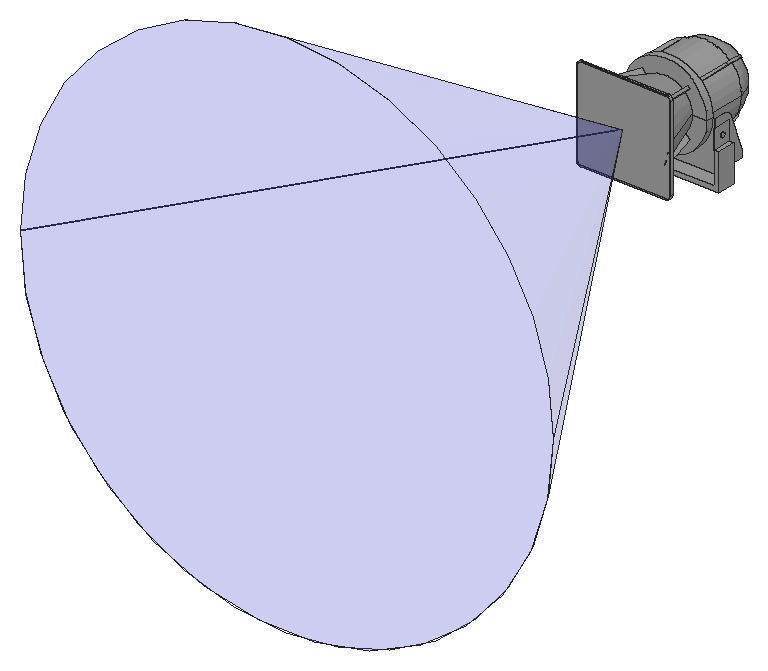
Revit family "AH66-15-BSG", category Communication Devices, Revit 2014
Parameters (values of type "Full-Range, Outdoor, Horn Loudspeaker")
  Width = 21.41"
  Weight Product = 87
  Warranty = "5 Year"
  Vertical Symmetry = yes
  URL = "www.atlassound.com"
  Transformer Option = yes
  Specification by User (default) = "TBD"
  Speaker Listening Height [instance] = 30.00"
  Speaker Height [instance] = 120.00"
  Speaker Dispersion [instance] = 65.00°
  Speaker Cone Visible [instance] = yes
  Sensitivity = 102
  ScheduleType |RF| = "AtlasIED Master"
  SPL Max = 107
  Rotation = 0.00°
  Product Page URL = "https://www.atlasied.com/ah66-15-bsg"
  Product Documentation Link = "https://www.atlasied.com/f/2957/ATS004765%20AH66-15-BSG%20Data%20Sheet%20RevA.pdf"
  Power Rating (RMS) = "250 Watts (53V) RMS"
  Power Handling = 250
  Pitch = 0.00°
  OmniClass Title = "SPEAKERS"
  OmniClass Number = "23-37 17 13 19"
  Mount Material = Default
  Model = "AH66-15-BSG"
  Maximum Output = "128dB"
  MaterFormat Title = "SPEAKERS"
  MasterFormat = "27 41 13"
  Market = "Commercial, Higher Education, Emergency"
  Manufacturer URL = "https://www.atlasied.com"
  Manufacturer Phone = "(800) 876 - 3333"
  Manufacturer Email = "support@atlasied.com"
  Manufacturer Address = "4545 E. Baseline Rd., Phoenix, AZ 85042"
  Manufacturer = "ATLAS SOUND"
  Ingress Protection = "IP45 When Tilted 5° Downwards"
  Impedance = 8
  IQ Category = "SPEAKERS"
  Height = 23.75"
  HF Driver = "65°H x 65°V HF horn"
  Grill Material = QF_Plastic - Black - Fine Textured
  Frequency Response  = "75Hz – 14.5kHz (±5dB)"
  Family Version [instance] = "2017-01"
  Family Code (default) = "LOUD SPEAKERS"
  Enclosure Material = none
  Dispersion Angle = 65.00°
  Description = "15\" 2-WAY STADIUM HORN LOUDSPEAKER SYSTEM 65° X 65°"
  Depth = 30.08"
  Coverage Vertical = 0.00°
  Coverage Horizontal = 65.00°
  Cost MSRP = 1816.99
  Cost = 1816.99
  Color = none
  Body Material = Default
  Baffle Material = none
  Angle [instance] = 0.00°
  70V Taps = "32.00 W"
  100V Taps = "32.00 W"
Reference planes (in)
  plane 1 "Center (Front/Back)": y = 0
  plane 2: z = 0
  plane 3 "Center (Left/Right)": x = 0
  plane 4: z = 23.75
  plane 5: y = 14.375
  plane 6: x = 10.74701
  plane 7: x = -10.66299
  plane 8: z = 3.5
  plane 9: z = 22.6875
  plane 10: z = 10.125
  plane 11: y = -14.08104
  plane 12: y = 15.99896
Forms (in)
  Extrusion 1, solid, material "Default" <- "Mount Material"
    sketch origin (0, -1.74914, 13.66826) x (0, 0, -1) y (1, 0, 0)
      loop
        line (13.66826, 10.74701) -> (5.66826, 10.74701) -> (5.66826, 9.74701) -> (1.66826, 9.74701) -> (1.66826, 9.64201) -> (5.74123, 9.64201) -> (5.74123, 9.74701) -> (12.66826, 9.74701) -> (12.66826, -9.66299) -> (5.74123, -9.66299) -> (5.74123, -9.55799) -> (1.66826, -9.55799) -> (1.66826, -9.66299) -> (5.66826, -9.66299) -> (5.66826, -10.66299) -> (13.66826, -10.66299) -> (13.66826, 10.74701)
    from 0 to -3.88
  Revolve 2, solid, material "QF_Metal - Stainless - Polished"
    sketch origin (0, -2.0095, 10.125) x (1, 0, 0) y (0, 1, 0)
      loop
        line (1.06703, 2.0095) -> (2.43821, 2.0095) -> (2.43821, 2.2595) -> (1.06703, 2.2595) -> (1.06703, 2.0095)
      axis (1.06703, 2.0095) -> (2.43821, 2.0095)
    angle from 0 <- "Angle" to 225.204
Dimensions and locks (in)
  "Height": plane 4 to level
  "Width": plane 7 to plane 6
  plane 4 to plane 8 = 20.25"
  plane 8 to plane 4 = 20.25"
  plane 10 to plane 2 = 10.125"
  "Depth": plane 12 to plane 11
  aligned and locked: plane 2 to level
Automatic sketch dimensions
  Extrusion 1 sketch curve to Extrusion 1 sketch curve = 4.00"  (x2)
  Extrusion 1 sketch curve to Extrusion 1 sketch curve = 0.07298"  (x2)
  Extrusion 1 sketch curve to Extrusion 1 sketch curve = 1.00"
  Extrusion 1 sketch curve to Extrusion 1 sketch curve = 0.105"  (x2)
  Extrusion 1 sketch curve to Extrusion 1 sketch curve = 0.00"
  Extrusion 1 sketch curve to plane 6 = 0.00"
  Extrusion 1 sketch curve to plane 7 = 0.00"
  Extrusion 1 sketch curve to level = 0.00"
  Extrusion 1 sketch curve to plane 10 = 2.19798"  (x2)
  Extrusion 1 sketch curve to plane 6 = 1.00"
  plane 7 to Extrusion 1 sketch curve = 1.00"  (x2)
  plane 1 "Center (Front/Back)" to Revolve 2 sketch curve = 0.00"  (x2)
  plane 3 "Center (Left/Right)" to Revolve 2 sketch curve = 1.06703"
  Revolve 2 sketch curve to plane 1 "Center (Front/Back)" = 0.25"
  Revolve 2 sketch curve to Revolve 2 sketch curve = 1.37117"
  Revolve 2 sketch curve to Revolve 2 sketch curve = 1.06179"
  Revolve 2 sketch curve to Revolve 2 sketch curve = 0.59789"
Nested families (in)
  nested 1: "AH6615BSG" at (0, 0.29396, 10.125), Speaker Listening Height <- "Speaker Listening Height", Speaker Height <- "Speaker Height", Speaker Dispersion <- "Speaker Dispersion", Speaker Cone Visible <- "Speaker Cone Visible", type "Full-Range, Outdoor, Horn Loudspeaker"
    with Weight Dimensional/Shipping 0, Speaker Listening Height 30.00", Speaker Height 120.00", Speaker Dispersion 65.00°, Speaker Cone Visible yes, Speaker Cone Height 90.00", Radius of Speaker Cone 57.33632", Operating Frequency Range "", Flasher Type "", Flasher Lumens "", Family Version ""
Definition of nested family "AH6615BSG"
  Parameters (values of type "Full-Range, Outdoor, Horn Loudspeaker")
    Woofer Size = 0
    Woofer Impedence = "8Ω (Nominal)"
    Width = 21.41"
    Weight Product = 87
    Weight Dimensional/Shipping [instance] = 0
    Weight Dimensional = 0
    Warranty = ""
    Voltage DC = ""
    Voltage AC = ""
    Viewable Dimensions (HxW) = 0
    Vertical Symmetry = yes
    URL = "www.atlassound.com"
    Type Driver = "1\" HF and 15\" LF"
    Transformer Option = yes
    Sustainability Rating = ""
    Splay Angle Minimum = 0.00°
    Splay Angle Maximum = 0.00°
    Specification by User (default) = ""
    Specification by Manufacturer = ""
    Speaker Type = ""
    Speaker Listening Height [instance] = 30.00"
    Speaker Height [instance] = 120.00"
    Speaker Dispersion [instance] = 65.00°
    Speaker Data Link = ""
    Speaker Cone Visible [instance] = no
    Speaker Cone Height [instance] = (Speaker Height - Speaker Listening Height)  # 90.00"
    Shipping Dimensions = ""
    Serial Number = ""
    Sensitivity 5 = 0
    Sensitivity 4 = 0
    Sensitivity 3 = 0
    Sensitivity 2 = 0
    Sensitivity = 102
    Seismic Rating = ""
    ScheduleType |RF| = "AtlasIED Master"
    Safety Features = ""
    Safety Agency Ratings = ""
    SPL Stimulus = ""
    SPL Measurement Bandwidth = ""
    SPL Max = 107
    Rotation = 0.00°
    Regulatory Compliance = ""
    Recommended Signal Processing = ""
    Recommended Power Amplification = ""
    Radius of Speaker Cone [instance] = (Speaker Cone Height) * tan(Speaker Dispersion / 2)  # 57.33632"
    Product Page URL = "https://www.atlasied.com/ah66-15-bsg"
    Product Documentation Link = "https://www.atlasied.com/f/2957/ATS004765%20AH66-15-BSG%20Data%20Sheet%20RevA.pdf"
    Power Standby = 0
    Power Rating (RMS) = "250 Watts (53V) RMS"
    Power Peak = 0
    Power Handling 5 = 0
    Power Handling 4 = 0
    Power Handling 3 = 0
    Power Handling 2 = 0
    Power Handling = 250
    Power Factor = 0
    Power Active = 0
    Pitch = 0.00°
    Part Number = "27 41 13"
    Outdoor/Weather Rating = ""
    Operation Mode = ""
    Operating Frequency Range [instance] = ""
    OmniClass Title = "SPEAKERS"
    OmniClass Number = "23-37 17 13 19"
    Number of Bands = 0
    Noise = 0
    Mounting/Rigging Provisions = ""
    Mount Material = Default
    Model = "AH66-15-BSG"
    Minimum Impedence = "5.6Ω @ 9000Hz Nominal -6dB (Minimum)"
    Maximum Output = "128dB"
    Max Input Ratings (8Ω) = ""
    Max Character Height = 0
    MaterFormat Title = ""
    MasterFormat = "27 41 13"
    Market = "Commercial, Higher Education, Emergency"
    Manufacturer URL = "https://www.atlasied.com"
    Manufacturer Phone = "(800) 876 - 3333"
    Manufacturer Email = "support@atlasied.com"
    Manufacturer Address = "4545 E. Baseline Rd., Phoenix, AZ 85042"
    Manufacturer = "ATLAS SOUND"
    Loudspeaker Level = ""
    Input Connectors = ""
    Ingress Protection = "IP45 When Tilted 5° Downwards"
    Impedance 5 = 0
    Impedance 4 = 0
    Impedance 3 = 0
    Impedance 2 = 0
    Impedance = 8
    IQ Category = "SPEAKERS"
    Horizontal Symmetry = yes
    Height = 23.75"
    Heat Load Standby = 0
    Heat Load Active = 0
    HF Driver = "65°H x 65°V HF horn"
    Grill Material = QF_Plastic - Black - Fine Textured
    Frequency Response  = "75Hz – 14.5kHz (±5dB)"
    Flasher Type [instance] = ""
    Flasher Lumens Rating = ""
    Flasher Lumens [instance] = ""
    Family Version [instance] = ""
    Family Code (default) = ""
    Extended Low Frequency Response = ""
    Environmental Testing = ""
    Enclusure Volume = 2296
    Enclosure Material = none
    Dispersion Angle = 65.00°
    Diameter = 0
    Description = "15\" 2-WAY STADIUM HORN LOUDSPEAKER SYSTEM 65° X 65°"
    Depth = 30.08"
    Cutout Diameter = 0
    Current Draw = 0
    Crossover Frequency = "1.4kHz"
    Coverage Vertical = 65.00°
    Coverage Horizontal = 65.00°
    Coverage = ""
    Cost MSRP = 1816.99
    Controls = ""
    Communication Ports = ""
    Communication Formats = ""
    Color = none
    Body Material = Default
    Baffle Material = none
    Azimuth = 0.00°
    70V Taps = "32.00 W"
    25V Taps = "0.00 W"
    100V Taps = "32.00 W"
  Reference planes (in)
    plane 1 "Center (Front/Back)": y = 0
    plane 2: z = 0
    plane 3 "Center (Left/Right)": x = 0
    plane 4: z = 23.75
    plane 5: y = 14.375
    plane 6: y = -14.375
    plane 7: x = 10.74701
    plane 8: x = -10.66299
    plane 9: z = 3.5
    plane 10: z = 22.6875
  Forms (in)
    Extrusion 1, solid, material "QF_Plastic - Black - Fine Textured" <- "Grill Material"
      sketch origin (-5.92216, -14.375, 37.875) x (-1, 0, 0) y (0, 0, 1)
        loop
          arc (4.03208, -25.3125) -> (3.75896, -24.65312) -> (3.09958, -24.38) r 0.9325
          line (3.09958, -24.38) -> (-15.02542, -24.38)
          arc (-15.02542, -24.38) -> (-15.68479, -24.65312) -> (-15.95792, -25.3125) r 0.9325
          line (-15.95792, -25.3125) -> (-15.95792, -43.4375)
          arc (-15.95792, -43.4375) -> (-15.68479, -44.09688) -> (-15.02542, -44.37) r 0.9325
          line (-15.02542, -44.37) -> (3.09958, -44.37)
          arc (3.09958, -44.37) -> (3.75896, -44.09688) -> (4.03208, -43.4375) r 0.9325
          line (4.03208, -43.4375) -> (4.03208, -25.3125)
      from 0 to 0.25
    Revolve 2, solid, material "Default" <- "Body Material"
      sketch origin (0, 0, 3.54326) x (1, 0, 0) y (0, 1, 0)
        loop
          arc (0, 14.38074) -> (-5.31131, 12.37243) -> (-8.01824, 7.38086) r 8.14198
          line (-8.01824, 7.38086) -> (-8.01824, -1.61914) -> (-9.01924, -1.61914) -> (-9.01924, -3.11884) -> (-5.72654, -3.11884) -> (-9.39746, -13.86914) -> (0, -13.86914) -> (0, 14.38074)
        axis (0, -13.86914) -> (0, 14.38074)
      angle from 0 to 360
    Extrusion 3, solid, material "Default" <- "Body Material"
      sketch origin (-9.66492, 0, -6.12166) x (0, 1, 0) y (0.707107, 0, 0.707107)
        loop
          arc (7.38086, 21.6865) -> (10.49336, 20.66282) -> (12.8478, 18.38417) r 7.32233
          arc (12.8478, 18.38417) -> (9.73484, 21.30118) -> (5.62261, 22.4365) r 8.90911
          line (5.62261, 22.4365) -> (-1.61914, 22.4365) -> (-1.61914, 21.6865) -> (7.38086, 21.6865)
        loop
          line (7.38086, 5.65001) -> (-1.61914, 5.65001) -> (-1.61914, 4.90001) -> (5.62261, 4.90001)
          arc (5.62261, 4.90001) -> (9.73484, 6.03533) -> (12.8478, 8.95234) r 8.90911
          arc (12.8478, 8.95234) -> (10.49336, 6.67369) -> (7.38086, 5.65001) r 7.32233
        loop
          line (-13.86914, 23.31938) -> (-13.86914, 23.06571) -> (-3.11884, 19.3948) -> (-3.11884, 20.9069) -> (-13.86914, 23.31938)
        loop
          line (-13.86914, 4.01713) -> (-3.11884, 6.42961) -> (-3.11884, 7.94171) -> (-13.86914, 4.2708) -> (-13.86914, 4.01713)
      from -0.25 to 0.25
    Extrusion 4, solid, material "Default" <- "Body Material"
      sketch origin (9.66492, 0, -6.12166) x (0, 1, 0) y (0.707107, 0, -0.707107)
        loop
          line (7.38086, -21.6865) -> (-1.61914, -21.6865) -> (-1.61914, -22.4365) -> (5.62261, -22.4365)
          arc (5.62261, -22.4365) -> (9.73484, -21.30118) -> (12.8478, -18.38417) r 8.90911
          arc (12.8478, -18.38417) -> (10.49336, -20.66282) -> (7.38086, -21.6865) r 7.32233
        loop
          arc (7.38086, -5.65001) -> (10.49336, -6.67369) -> (12.8478, -8.95234) r 7.32233
          arc (12.8478, -8.95234) -> (9.73484, -6.03533) -> (5.62261, -4.90001) r 8.90911
          line (5.62261, -4.90001) -> (-1.61914, -4.90001) -> (-1.61914, -5.65001) -> (7.38086, -5.65001)
        loop
          line (-13.86914, -23.31938) -> (-3.11884, -20.9069) -> (-3.11884, -19.3948) -> (-13.86914, -23.06571) -> (-13.86914, -23.31938)
        loop
          line (-13.86914, -4.01713) -> (-13.86914, -4.2708) -> (-3.11884, -7.94171) -> (-3.11884, -6.42961) -> (-13.86914, -4.01713)
      from -0.25 to 0.25
    Extrusion 5, solid, material "Default" <- "Mount Material"
      sketch origin (0, 0, -10.125) x (0, 1, 0) y (0, 0, 1)
        loop
          arc (2.61561, 12.32268) -> (1.88244, 13.26746) -> (0.74124, 13.625) r 2
          line (0.74124, 13.625) -> (-1.61914, 13.625) -> (-1.61914, 3.125) -> (5.48086, 3.125) -> (5.48086, 4.625) -> (2.61561, 12.32268)
      from 9.44326 to 9.54326
    Extrusion 6, solid, material "Default" <- "Mount Material"
      sketch origin (0, 0, -10.125) x (0, 1, 0) y (0, 0, -1)
        loop
          line (2.61561, -12.32268) -> (5.48086, -4.625) -> (5.48086, -3.125) -> (-1.61914, -3.125) -> (-1.61914, -13.625) -> (0.74124, -13.625)
          arc (0.74124, -13.625) -> (1.88244, -13.26746) -> (2.61561, -12.32268) r 2
      from 9.44326 to 9.54326
    Extrusion 7, solid, material "Default" <- "Mount Material"
      sketch origin (0, -1.61914, 3.54326) x (0, 0, -1) y (1, 0, 0)
        loop
          line (0.04326, 9.54326) -> (0.04326, 9.01914)
          arc (0.04326, 9.01914) -> (9.01924, 0) -> (0.04326, -9.01914) r 9.01924
          line (0.04326, -9.01914) -> (0.04326, -9.54326) -> (10.54326, -9.54326) -> (10.54326, 9.54326) -> (0.04326, 9.54326)
      from 0 to 0.13
    Extrusion 8, solid, material "Default" <- "Mount Material"
      sketch origin (-9.66299, -2.17, 1.875) x (0, 0, -1) y (0, -1, 0)
        loop
          line (1.60422, -2.474) -> (2.14578, -2.474) -> (2.41655, -2.005) -> (2.14578, -1.536) -> (1.60422, -1.536) -> (1.33345, -2.005) -> (1.60422, -2.474)
      from 0 to 0.333
    Extrusion 9, solid, material "Default" <- "Mount Material"
      sketch origin (9.74701, -2.17, 1.875) x (0, 0, -1) y (0, 1, 0)
        loop
          line (1.60422, 2.474) -> (1.33345, 2.005) -> (1.60422, 1.536) -> (2.14578, 1.536) -> (2.41655, 2.005) -> (2.14578, 2.474) -> (1.60422, 2.474)
      from 0 to 0.333
    Extrusion 10, solid, material "Default" <- "Body Material"
      sketch origin (0, -0.24415, -10.125) x (0, 1, 0) y (0, 0, 1)
        loop
          line (14.69212, 13.875) -> (14.375, 13.875) -> (14.375, 13.375) -> (14.69212, 13.375)
          arc (14.69212, 13.375) -> (15.94915, 13.625) -> (14.69212, 13.875) r 0.65338
        loop
          circle (15.29578, 13.625) r 0.40338
      from -0.08174 to 0.07955
    Extrusion 11, solid, material "Default" <- "Body Material"
      sketch origin (-5.92216, -14.375, 37.875) x (-1, 0, 0) y (0, 0, 1)
        loop
          arc (-16.08792, -43.4375) -> (-15.77672, -44.1888) -> (-15.02542, -44.5) r 1.0625
          line (-15.02542, -44.5) -> (3.09958, -44.5)
          arc (3.09958, -44.5) -> (3.85089, -44.1888) -> (4.16208, -43.4375) r 1.0625
          line (4.16208, -43.4375) -> (4.16208, -25.3125)
          arc (4.16208, -25.3125) -> (3.85089, -24.5612) -> (3.09958, -24.25) r 1.0625
          line (3.09958, -24.25) -> (-15.02542, -24.25)
          arc (-15.02542, -24.25) -> (-15.77672, -24.5612) -> (-16.08792, -25.3125) r 1.0625
          line (-16.08792, -25.3125) -> (-16.08792, -43.4375)
        loop
          arc (-15.02542, -24.38) -> (-15.68479, -24.65312) -> (-15.95792, -25.3125) r 0.9325
          line (-15.95792, -25.3125) -> (-15.95792, -43.4375)
          arc (-15.95792, -43.4375) -> (-15.68479, -44.09688) -> (-15.02542, -44.37) r 0.9325
          line (-15.02542, -44.37) -> (3.09958, -44.37)
          arc (3.09958, -44.37) -> (3.75896, -44.09688) -> (4.03208, -43.4375) r 0.9325
          line (4.03208, -43.4375) -> (4.03208, -25.3125)
          arc (4.03208, -25.3125) -> (3.75896, -24.65312) -> (3.09958, -24.38) r 0.9325
          line (3.09958, -24.38) -> (-15.02542, -24.38)
      from 0 to 0.50586
    Extrusion 12, solid, material "Default" <- "Body Material"
      sketch origin (-5.92216, -14.125, 37.875) x (-1, 0, 0) y (0, 0, 1)
        loop
          arc (4.03208, -25.3125) -> (3.75896, -24.65312) -> (3.09958, -24.38) r 0.9325
          line (3.09958, -24.38) -> (-15.02542, -24.38)
          arc (-15.02542, -24.38) -> (-15.68479, -24.65312) -> (-15.95792, -25.3125) r 0.9325
          line (-15.95792, -25.3125) -> (-15.95792, -43.4375)
          arc (-15.95792, -43.4375) -> (-15.68479, -44.09688) -> (-15.02542, -44.37) r 0.9325
          line (-15.02542, -44.37) -> (3.09958, -44.37)
          arc (3.09958, -44.37) -> (3.75896, -44.09688) -> (4.03208, -43.4375) r 0.9325
          line (4.03208, -43.4375) -> (4.03208, -25.3125)
      from 0 to 0.13
    Blend 13, solid, material "Glass", visible <- "Speaker Cone Visible"
      base sketch origin (-0.20427, -14.375, 3.40479) x (1, 0, 0) y (0, 0, 1)
        loop
          circle (0, 0.09521) r 57.33632
      top sketch origin (-0.20427, -14.375, 3.40479) x (1, 0, 0) y (0, 0, 1)
        loop
          circle (0, 0.09521) r 0.13513
      from 90 <- "Speaker Cone Height" to 0
  Lines and regions (in)
    symbolic lines
      curve 1: line (-10.08424, -13.86914, 0) -> (10.16576, -13.86914, 0)
      curve 2: line (-10.08424, -14.375, 0) -> (-10.08424, -13.86914, 0)
      curve 3: line (10.16576, -14.375, 0) -> (-10.08424, -14.375, 0)
      curve 4: line (10.16576, -13.86914, 0) -> (10.16576, -14.375, 0)
      curve 5: line (5.29527, -3.11884, 0) -> (7.00115, -13.86914, 0)
      curve 6: line (6.6476, -13.86914, 0) -> (4.94172, -3.11884, 0)
      curve 7: line (3.8725, -3.11884, 0) -> (6.46823, -13.86914, 0)
      curve 8: line (-9.01924, -3.11884, 0) -> (9.01924, -3.11884, 0)
      curve 9: line (9.01924, -3.11884, 0) -> (9.01924, -1.74914, 0)
      curve 10: line (10.74701, -1.74914, 0) -> (-10.66299, -1.74914, 0)
      curve 11: line (-10.66299, -1.74914, 0) -> (-10.66299, 2.13086, 0)
      curve 12: line (-6.46823, -13.86914, 0) -> (-3.8725, -3.11884, 0)
      curve 13: line (-4.94172, -3.11884, 0) -> (-6.6476, -13.86914, 0)
      curve 14: line (-7.00115, -13.86914, 0) -> (-5.29527, -3.11884, 0)
      curve 15: line (-9.33424, -13.86914, 0) -> (-5.63262, -3.11884, 0)
      curve 16: line (-9.01924, -3.11884, 0) -> (-9.01924, -1.74914, 0)
      curve 17: line (-9.44326, 5.48086, 0) -> (-9.54326, 5.48086, 0)
      curve 18: line (-9.54326, 5.48086, 0) -> (-9.54326, -1.74914, 0)
      curve 19: line (-9.44326, 5.48086, 0) -> (-9.44326, -1.76914, 0)
      curve 20: line (-10.66299, 2.13086, 0) -> (-9.54326, 2.13086, 0)
      curve 21: line (10.74701, 2.13086, 0) -> (10.74701, -1.74914, 0)
      curve 22: line (10.74701, 2.13086, 0) -> (9.54326, 2.13086, 0)
      curve 23: line (9.54326, 5.48086, 0) -> (9.44326, 5.48086, 0)
      curve 24: line (9.44326, 5.48086, 0) -> (9.44326, -1.61914, 0)
      curve 25: line (9.54326, 5.48086, 0) -> (9.54326, -1.74914, 0)
      curve 26: line (9.44326, 2.13086, 0) -> (8.01924, 2.13086, 0)
      curve 27: line (9.54326, -1.61914, 0) -> (-9.44326, -1.61914, 0)
      curve 28: line (-8.01924, -1.61914, 0) -> (-8.01924, 7.38086, 0)
      curve 29: arc (-8.01924, 7.38086, 0) -> (-5.30616, 12.3645, 0) -> (0, 14.37501, 0) r 8.16145
      curve 30: line (8.01924, -1.61914, 0) -> (8.01924, 7.38086, 0)
      curve 31: arc (8.01924, 7.38086, 0) -> (5.30616, 12.3645, 0) -> (0, 14.37501, 0) r 8.16145
      curve 32: line (-6.02331, 5.62261, 0) -> (-6.02331, -1.61914, 0)
      curve 33: line (-6.37686, -1.61914, 0) -> (-6.37686, 5.62261, 0)
      curve 34: line (-5.49298, -1.61914, 0) -> (-5.49298, 7.38086, 0)
      curve 35: spline (-3.15788, 12.8478, 0) -> (-3.57203, 12.43284, 0) -> (-3.96121, 11.97208, 0) -> (-4.3229, 11.4685, 0) -> (-4.65475, 10.92538, 0) -> (-4.9546, 10.34624, 0) -> (-5.22052, 9.73484, 0) -> (-5.45077, 9.09516, 0) -> (-5.64386, 8.43134, 0) -> (-5.79853, 7.74768, 0) -> (-5.91378, 7.04864, 0) -> (-5.98887, 6.33875, 0) -> (-6.02331, 5.62261, 0)
      curve 36: spline (-6.37686, 5.62261, 0) -> (-6.34243, 6.33875, 0) -> (-6.26734, 7.04864, 0) -> (-6.15208, 7.74768, 0) -> (-5.99741, 8.43134, 0) -> (-5.80432, 9.09516, 0) -> (-5.57407, 9.73484, 0) -> (-5.30816, 10.34624, 0) -> (-5.0083, 10.92538, 0) -> (-4.67645, 11.4685, 0) -> (-4.31476, 11.97208, 0) -> (-3.92558, 12.43284, 0) -> (-3.51143, 12.8478, 0)
      curve 37: spline (3.15788, 12.8478, 0) -> (3.47617, 12.53069, 0) -> (3.77672, 12.18066, 0) -> (4.05782, 11.79967, 0) -> (4.31788, 11.38989, 0) -> (4.55543, 10.95363, 0) -> (4.76912, 10.49336, 0) -> (4.95776, 10.01168, 0) -> (5.12027, 9.51132, 0) -> (5.25574, 8.9951, 0) -> (5.36339, 8.46595, 0) -> (5.44262, 7.92685, 0) -> (5.49298, 7.38086, 0)
      curve 38: line (5.49298, 7.38086, 0) -> (5.49298, -1.61914, 0)
      curve 39: line (6.02331, -1.61914, 0) -> (6.02331, 5.62261, 0)
      curve 40: line (6.37686, 5.62261, 0) -> (6.37686, -1.61914, 0)
      curve 41: spline (3.51143, 12.8478, 0) -> (3.92558, 12.43284, 0) -> (4.31476, 11.97208, 0) -> (4.67645, 11.4685, 0) -> (5.0083, 10.92538, 0) -> (5.30816, 10.34624, 0) -> (5.57407, 9.73484, 0) -> (5.80432, 9.09516, 0) -> (5.99741, 8.43134, 0) -> (6.15208, 7.74768, 0) -> (6.26734, 7.04864, 0) -> (6.34243, 6.33875, 0) -> (6.37686, 5.62261, 0)
      curve 42: spline (6.02331, 5.62261, 0) -> (5.98887, 6.33875, 0) -> (5.91378, 7.04864, 0) -> (5.79853, 7.74768, 0) -> (5.64386, 8.43134, 0) -> (5.45077, 9.09516, 0) -> (5.22052, 9.73484, 0) -> (4.9546, 10.34624, 0) -> (4.65475, 10.92538, 0) -> (4.3229, 11.4685, 0) -> (3.96121, 11.97208, 0) -> (3.57203, 12.43284, 0) -> (3.15788, 12.8478, 0)
      curve 43: line (3.15788, 12.8478, 0) -> (3.51143, 12.8478, 0)
      curve 44: line (-3.51143, 12.8478, 0) -> (-3.15788, 12.8478, 0)
      curve 45: spline (-5.49298, 7.38086, 0) -> (-5.44262, 7.92685, 0) -> (-5.36339, 8.46595, 0) -> (-5.25574, 8.9951, 0) -> (-5.12027, 9.51132, 0) -> (-4.95776, 10.01168, 0) -> (-4.76912, 10.49336, 0) -> (-4.55543, 10.95363, 0) -> (-4.31788, 11.38989, 0) -> (-4.05782, 11.79967, 0) -> (-3.77672, 12.18066, 0) -> (-3.47617, 12.53069, 0) -> (-3.15788, 12.8478, 0)
      curve 46: line (-9.44326, 2.13086, 0) -> (-8.01924, 2.13086, 0)
      curve 47: line (-0.08174, 15.705, 0) -> (0.07955, 15.705, 0)
      curve 48: line (-0.08174, 14.375, 0) -> (-0.08174, 15.705, 0)
      curve 49: line (0.07955, 14.375, 0) -> (-0.08174, 14.375, 0)
      curve 50: line (0.07955, 15.705, 0) -> (0.07955, 14.375, 0)
      curve 51: line (9.33424, -13.86914, 0) -> (5.63262, -3.11884, 0)
    symbolic lines, style "Sound Projection Average", visible <- "Speaker Cone Visible"
      curve 52: line (-57.5406, -104.375, 0) -> (57.13205, -104.375, 0)
      curve 53: line (57.13205, -104.375, 0) -> (-0.08798, -14.375, 0)
      curve 54: line (-57.5406, -104.375, 0) -> (-0.33692, -14.375, 0)
  Dimensions and locks (in)
    "Height": plane 4 to level
    "Width": plane 8 to plane 7
    plane 4 to plane 9 = 20.25"
    plane 9 to plane 4 = 20.25"
    "Radius of Speaker Cone": radius of Blend 13 sketch curve
    aligned and locked: plane 2 to level
  Automatic sketch dimensions
    Extrusion 1 sketch curve to plane 7 = 0.71125"
    Extrusion 1 sketch curve to Extrusion 1 sketch curve = 0.9325"  (x2)
    plane 8 to Extrusion 1 sketch curve = 1.64125"  (x2)
    plane 8 to Extrusion 1 sketch curve = 0.70875"
    Extrusion 1 sketch curve to level = 6.495"
    Extrusion 1 sketch curve to plane 9 = 9.0625"
    Revolve 2 sketch curve to plane 3 "Center (Left/Right)" = 0.00"  (x2)
    plane 8 to Revolve 2 sketch curve = 4.93645"
    plane 8 to Revolve 2 sketch curve = 2.64475"
    Revolve 2 sketch curve to Revolve 2 sketch curve = 1.001"
    plane 6 to Revolve 2 sketch curve = 0.50586"
    plane 8 to Revolve 2 sketch curve = 1.26554"
    plane 3 "Center (Left/Right)" to Revolve 2 sketch curve = 0.04326"
    Revolve 2 sketch curve to plane 1 "Center (Front/Back)" = 6.23887"
    Revolve 2 sketch curve to plane 5 = 6.99414"
    Revolve 2 sketch curve to Revolve 2 sketch curve = 0.75"
    plane 6 to Extrusion 3 sketch curve = 0.50586"  (x2)
    Extrusion 3 sketch curve to plane 1 "Center (Front/Back)" = 5.37673"
    Extrusion 3 sketch curve to Extrusion 3 sketch curve = 0.00"  (x2)
    Extrusion 3 sketch curve to plane 1 "Center (Front/Back)" = 5.62261"  (x2)
    Extrusion 3 sketch curve to Extrusion 3 sketch curve = 1.33066"
    Extrusion 3 sketch curve to Extrusion 3 sketch curve = 1.75825"  (x2)
    Extrusion 3 sketch curve to Extrusion 3 sketch curve = 0.25366"  (x2)
    Extrusion 3 sketch curve to Extrusion 3 sketch curve = 0.62921"
    Extrusion 3 sketch curve to Extrusion 3 sketch curve = 0.75"  (x2)
    Extrusion 3 sketch curve to Extrusion 3 sketch curve = 0.7796"  (x2)
    Extrusion 3 sketch curve to Extrusion 3 sketch curve = 1.5121"  (x2)
    Extrusion 3 sketch curve to Extrusion 3 sketch curve = 7.29129"
    Extrusion 3 sketch curve to Extrusion 3 sketch curve = 0.58948"
    Extrusion 3 sketch curve to Extrusion 3 sketch curve = 0.27494"
    Extrusion 3 sketch curve to Extrusion 3 sketch curve = 1.45391"
    Extrusion 3 sketch curve to Extrusion 3 sketch curve = 5.58907"
    Extrusion 3 sketch curve to Extrusion 3 sketch curve = 2.15881"
    plane 6 to Extrusion 4 sketch curve = 0.50586"  (x2)
    Extrusion 4 sketch curve to plane 1 "Center (Front/Back)" = 5.37673"
    Extrusion 4 sketch curve to Extrusion 4 sketch curve = 0.00"  (x2)
    Extrusion 4 sketch curve to plane 1 "Center (Front/Back)" = 5.62261"  (x2)
    Extrusion 4 sketch curve to Extrusion 4 sketch curve = 1.33066"
    Extrusion 4 sketch curve to Extrusion 4 sketch curve = 1.75825"  (x2)
    Extrusion 4 sketch curve to Extrusion 4 sketch curve = 0.25366"  (x2)
    Extrusion 4 sketch curve to Extrusion 4 sketch curve = 0.62921"
    Extrusion 4 sketch curve to Extrusion 4 sketch curve = 0.75"  (x2)
    Extrusion 4 sketch curve to Extrusion 4 sketch curve = 0.7796"  (x2)
    Extrusion 4 sketch curve to Extrusion 4 sketch curve = 1.5121"  (x2)
    Extrusion 4 sketch curve to Extrusion 4 sketch curve = 7.29129"
    Extrusion 4 sketch curve to Extrusion 4 sketch curve = 0.58948"
    Extrusion 4 sketch curve to Extrusion 4 sketch curve = 0.27494"
    Extrusion 4 sketch curve to Extrusion 4 sketch curve = 1.45391"
    Extrusion 4 sketch curve to Extrusion 4 sketch curve = 5.58907"
    Extrusion 4 sketch curve to Extrusion 4 sketch curve = 2.15881"
    plane 9 to Extrusion 5 sketch curve = 0.00"
    Extrusion 5 sketch curve to plane 1 "Center (Front/Back)" = 0.74124"
    plane 9 to Extrusion 5 sketch curve = 1.30232"
    Extrusion 5 sketch curve to Extrusion 5 sketch curve = 1.87436"
    Extrusion 5 sketch curve to plane 1 "Center (Front/Back)" = 5.48086"
    Extrusion 5 sketch curve to level = 5.50"
    Extrusion 5 sketch curve to level = 7.00"
    plane 9 to Extrusion 6 sketch curve = 0.00"
    Extrusion 6 sketch curve to plane 1 "Center (Front/Back)" = 0.74124"
    plane 9 to Extrusion 6 sketch curve = 1.30232"
    Extrusion 6 sketch curve to Extrusion 6 sketch curve = 1.87436"
    Extrusion 6 sketch curve to plane 1 "Center (Front/Back)" = 5.48086"
    Extrusion 6 sketch curve to level = 5.50"
    Extrusion 6 sketch curve to Extrusion 6 sketch curve = 1.50"
    Extrusion 7 sketch curve to Extrusion 5 = 0.00"  (x3)
    Extrusion 5 to Extrusion 7 sketch curve = 0.00"
    Extrusion 7 sketch curve to Extrusion 5 = 0.04326"
    Extrusion 7 sketch curve to Extrusion 5 = 0.42411"
    Extrusion 7 sketch curve to Extrusion 7 sketch curve = 9.01914"
    Extrusion 7 sketch curve to Extrusion 7 sketch curve = 0.52411"
    level to Extrusion 8 sketch curve = 0.54155"
    level to Extrusion 8 sketch curve = 0.27078"  (x2)
    Extrusion 8 sketch curve to level = 0.27078"  (x2)
    Extrusion 8 sketch curve to level = 0.54155"
    Extrusion 8 sketch curve to plane 1 "Center (Front/Back)" = 0.304"
    level to Extrusion 9 sketch curve = 0.54155"
    level to Extrusion 9 sketch curve = 0.27078"  (x2)
    Extrusion 9 sketch curve to level = 0.27078"  (x2)
    Extrusion 9 sketch curve to Extrusion 9 sketch curve = 0.27078"
    Extrusion 9 sketch curve to plane 1 "Center (Front/Back)" = 0.304"
    Extrusion 10 sketch curve to Extrusion 10 sketch curve = 0.00"  (x2)
    plane 9 to Extrusion 10 sketch curve = 0.00"
    Extrusion 10 sketch curve to plane 5 = 0.24415"
    plane 5 to Extrusion 10 sketch curve = 0.07296"  (x2)
    Extrusion 10 sketch curve to Extrusion 10 sketch curve = 0.60366"
    plane 9 to Extrusion 10 sketch curve = 0.25"
    Extrusion 11 sketch curve to Extrusion 11 sketch curve = 0.00"  (x8)
    Extrusion 11 sketch curve to plane 7 = 0.58125"
    Extrusion 11 sketch curve to Extrusion 11 sketch curve = 0.13"
    Extrusion 11 sketch curve to Extrusion 11 sketch curve = 0.9325"  (x2)
    plane 8 to Extrusion 11 sketch curve = 1.64125"  (x2)
    plane 8 to Extrusion 11 sketch curve = 0.70875"
    Extrusion 11 sketch curve to level = 6.625"
    Extrusion 11 sketch curve to plane 9 = 9.0625"
    Extrusion 12 sketch curve to Extrusion 12 sketch curve = 0.9325"
    Extrusion 12 sketch curve to Extrusion 1 = 0.9325"
    Revolve 2 sketch curve to Revolve 2 sketch curve = 7.00011"
    plane 1 "Center (Front/Back)" to Revolve 2 sketch curve = 3.11884"
    Revolve 2 sketch curve to Revolve 2 sketch curve = 1.4997"
    plane 1 "Center (Front/Back)" to Extrusion 3 sketch curve = 3.11884"  (x2)
    plane 1 "Center (Front/Back)" to Extrusion 3 sketch curve = 1.61914"  (x2)
    plane 1 "Center (Front/Back)" to Extrusion 4 sketch curve = 3.11884"  (x2)
    plane 1 "Center (Front/Back)" to Extrusion 4 sketch curve = 1.61914"  (x2)
    plane 1 "Center (Front/Back)" to Extrusion 5 sketch curve = 1.61914"
    plane 1 "Center (Front/Back)" to Extrusion 6 sketch curve = 1.61914"
    plane 1 "Center (Front/Back)" to Extrusion 8 sketch curve = 0.165"  (x2)
    Extrusion 8 sketch curve to Extrusion 8 sketch curve = 0.469"
    plane 1 "Center (Front/Back)" to Extrusion 9 sketch curve = 0.165"  (x2)
    Extrusion 9 sketch curve to Extrusion 9 sketch curve = 0.469"
    level to Blend 13 sketch curve = 3.50"
    Blend 13 sketch curve to plane 3 "Center (Left/Right)" = 0.20427"  (x2)
    curve 11 to plane 8 = 0.00"
    curve 54 to plane 6 = 0.00"
    curve 48 to plane 5 = 0.00"
    curve 31 to plane 3 "Center (Left/Right)" = 0.00"
    curve 10 to plane 7 = 0.00"
    curve 52 to plane 8 = 46.8776"
    plane 8 to curve 2 = 0.57875"
    plane 8 to curve 18 = 1.11974"
    curve 17 to curve 17 = 0.10"
    curve 19 to curve 16 = 0.42401"
    curve 17 to curve 28 = 1.42401"
    curve 29 to curve 33 = 1.64238"
    curve 33 to curve 32 = 0.35355"
    curve 32 to curve 34 = 0.53033"
    curve 44 to plane 5 = 1.5272"
    curve 44 to plane 3 "Center (Left/Right)" = 3.51143"
    curve 44 to curve 44 = 0.35355"
    curve 48 to plane 3 "Center (Left/Right)" = 0.08174"
    curve 31 to plane 3 "Center (Left/Right)" = 0.05832"
    plane 3 "Center (Left/Right)" to curve 29 = 0.05832"
    plane 3 "Center (Left/Right)" to curve 47 = 0.07955"
    curve 43 to plane 5 = 1.5272"
    plane 3 "Center (Left/Right)" to curve 43 = 3.15788"
    curve 37 to curve 43 = 0.35355"
    curve 38 to plane 7 = 5.25403"
    curve 37 to curve 39 = 0.53033"
    curve 42 to curve 40 = 0.35355"
    curve 40 to curve 30 = 1.64238"
    curve 9 to plane 7 = 1.72776"
    curve 24 to plane 7 = 1.30375"
    curve 23 to curve 23 = 0.10"
    curve 3 to plane 7 = 0.58125"
    plane 7 to curve 52 = 46.38504"
    curve 52 to plane 6 = 90.00"
    plane 6 to curve 2 = 0.50586"
    plane 1 "Center (Front/Back)" to curve 9 = 3.11884"
    plane 1 "Center (Front/Back)" to curve 11 = 1.74914"
    curve 11 to plane 1 "Center (Front/Back)" = 2.13086"
    curve 22 to plane 1 "Center (Front/Back)" = 2.13086"
    curve 22 to curve 23 = 3.35"
    curve 20 to curve 17 = 3.35"
    curve 17 to curve 32 = 0.14175"
    curve 33 to curve 32 = 0.00"
    curve 23 to curve 40 = 0.14175"
    curve 39 to curve 41 = 0.00"
    curve 42 to curve 29 = 0.59116"
    curve 31 to curve 29 = 0.00"
    curve 17 to curve 28 = 1.90"
    curve 42 to curve 38 = 1.75825"
    curve 32 to curve 34 = 1.75825"
    curve 48 to curve 48 = 1.33"
    curve 1 to curve 15 = 0.75"
    curve 15 to curve 14 = 2.33309"
    curve 14 to curve 13 = 0.35355"  (x2)
    curve 13 to curve 12 = 0.17937"
    curve 15 to curve 34 = 0.13964"
    curve 15 to curve 14 = 0.33735"
    curve 13 to curve 12 = 1.06922"
    curve 45 to plane 3 "Center (Left/Right)" = 0.33726"
    curve 54 to plane 3 "Center (Left/Right)" = 0.33692"
    curve 42 to plane 5 = 0.08916"
    curve 42 to curve 48 = 0.19224"
    curve 53 to plane 3 "Center (Left/Right)" = 0.08798"
    curve 36 to plane 3 "Center (Left/Right)" = 0.07957"
    plane 3 "Center (Left/Right)" to curve 41 = 0.07957"
    curve 41 to curve 35 = 0.19441"
    plane 3 "Center (Left/Right)" to curve 37 = 0.33726"
    curve 7 to curve 38 = 1.62048"
    curve 7 to curve 6 = 1.06922"
    curve 6 to curve 5 = 0.35355"  (x2)
    curve 5 to curve 51 = 0.33735"
    curve 7 to curve 1 = 3.69752"
    curve 7 to curve 6 = 0.17937"
    curve 51 to curve 1 = 0.83151"
    curve 19 to curve 18 = 0.02"
    curve 51 to curve 39 = 1.4997"
    curve 26 to curve 22 = 0.00"
    curve 20 to curve 46 = 0.00"
    curve 42 to curve 35 = 0.00"
    curve 42 to curve 36 = 0.00"
    curve 36 to curve 41 = 0.00"
    curve 29 to curve 37 = 0.49362"
    curve 31 to curve 45 = 0.49362"
    Blend 13 sketch curve to plane 9 = 0.00"
    radius of Extrusion 10 sketch curve = 0.40338"
    radius of Extrusion 12 sketch curve to Extrusion 1 = 0.00"  (x2)
    radius of Blend 13 sketch curve = 0.13513"
  Nested families (in)
    nested 1: "Speaker Annotation" at (0, 0, 0), Speaker Type <- "Speaker Type", type "Data Annotation"
      with Speaker Type "S1"
  Definition of nested family "Speaker Annotation"
    Parameters (values of type "Data Annotation")
      Speaker Type [instance] = ""
    Reference planes (in)
      plane 1: y = 0
      plane 2: x = 0
    Lines and regions (in)
      detail lines, style "Data Device"
        curve 1: circle (-0.00295, 0.00032, 0) r 0.09489 normal (0, 0, 1)
    Text (in)
      label "S1" at (0.00193, -0.00496, 0), shows "Speaker Type"
